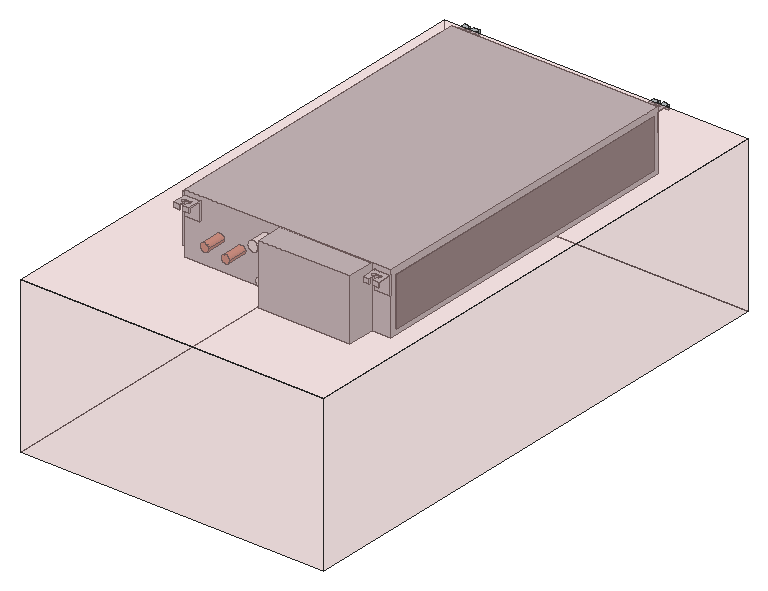
Revit family "PEFY-WP50VMS1-E_Service_Area1", category Mechanical Equipment, host Ceiling, Revit 2012
Parameters (values of type "PEFY-WP50VMS1-E_240V_60Hz")
  Description = "Ceiling concealed"
  Manufacturer = "Mitsubishi Electric Corporation"
  Model = "PEFY-WP50VMS1-E"
  Width = 1190 mm
  Water Pipe_radius (To HBC Unit) = 13.2 mm
  Water Pipe_radius (From HBC Unit) = 13.2 mm
  WarrantyStart = ""
  Voltage = 240 V
  Unit Weight (kg) = 27
  URL = "http://www.mitsubishielectric.com/"
  TagNumber = 0
  Subcategory = "HVAC"
  Space View = yes
  Sound Pressure Level_Mid (dB(A)) = 33
  Sound Pressure Level_Low (dB(A)) = 30
  Sound Pressure Level_High (dB(A)) = 36
  SerialNumber = 0
  ReplacementYear = ""
  Protection Device = "Fuse"
  Phase = 1
  Maximum Circuit Ampacity (A) = 1.07
  InstallationDate = ""
  Hertz = 60 Hz
  Height = 200 mm
  Heating Power Input (kW) = 0.07
  Heating Current (A) = 0.66
  Heating Capacity (kW) = 6.3
  Fan_Type = "Sirocco fan"
  Fan_Quantity = 4
  Fan Motor Output (kW) = 0.096
  External_static_pressure (Pa) = "5-15-35-50"
  External Finish = "Galvanized steel plate"
  Equip_description = ""
  Equip_No. = 0
  Equip_ID = ""
  Drain pipe2_radius = 16 mm
  Drain pipe1_radius = 16 mm
  Description = ""
  Depth = 700 mm
  CreatedOn = ""
  CreatedBy = ""
  Cooling Power Input (kW) = 0.09
  Cooling Current (A) = 0.77
  Cooling Capacity (kW) = 5.6
  Category = ""
  Barcode = ""
  AssetIdentifier = ""
  Airflow Rate_Mid (m3/min) = 14
  Airflow Rate_Mid (m3/h) = 840
  Airflow Rate_Low (m3/min) = 12
  Airflow Rate_Low (m3/h) = 720
  Airflow Rate_High (m3/min) = 16.5
  Airflow Rate_High (m3/h) = 990
Types (6, lengths in mm): name | Voltage | Maximum Circuit Ampacity (A) | Hertz
  PEFY-WP50VMS1-E_220V_50Hz | 220 V | 1.08 | 50 Hz
  PEFY-WP50VMS1-E_220V_60Hz | 220 V | 1.07 | 60 Hz
  PEFY-WP50VMS1-E_230V_50Hz | 230 V | 1.08 | 50 Hz
  PEFY-WP50VMS1-E_230V_60Hz | 230 V | 1.07 | 60 Hz
  PEFY-WP50VMS1-E_240V_50Hz | 240 V | 1.08 | 50 Hz
  PEFY-WP50VMS1-E_240V_60Hz | 240 V | 1.07 | 60 Hz
Reference planes
  plane 1 "Center (Front/Back)": y = 0
  plane 2: z = 0
  plane 3 "Center (Left/Right)": x = 0
  plane 4 "Ceiling": z = 3750
  plane 5: z = 4050
  plane 6: z = 4250
  plane 7: y = -550
  plane 8: y = 350
  plane 9: y = 550
  plane 10: z = 4235
  plane 11: x = 325
  plane 12: x = 350
  plane 13: x = -300
  plane 14: x = -350
  plane 15: z = 4230
  plane 16: x = -57
  plane 17: z = 4202
  plane 18: z = 4080
  plane 19: x = -211
  plane 20: x = -141
  plane 21: z = 4148
  plane 22: z = 4138
  plane 23: y = 70
  plane 24: y = -1200
  plane 25: y = -640
  plane 26: x = 350
Forms (mm)
  Extrusion 1, solid, material "Plated steel"
    sketch origin (88.259, -137.375, 3750) x (1, 0, 0) y (0, 1, 0)
      loop
        line (-415.259, 687.375) -> (-415.259, -412.625) -> (261.741, -412.625) -> (261.741, 687.375) -> (-415.259, 687.375)
    from 300 to 500
  Extrusion 2, solid, material "Service space", visible <- "Space View"
    sketch origin (-2000, 6200, 4050) x (0, 1, 0) y (1, 0, 0)
      loop
        line (-7400, 1650) -> (-5650, 1650) -> (-5650, 2650) -> (-7400, 2650) -> (-7400, 1650)
    from 300 to -210
  Extrusion 3, solid
    sketch origin (0, 200, 0) x (0, 1, 0) y (0, 0, 1)
      loop
        line (-730, 4230) -> (-730, 4071) -> (330, 4071) -> (330, 4230) -> (-730, 4230)
    from 350 to 355
  Extrusion 4, solid
    sketch origin (-350, 200, 4250) x (0, 0, 1) y (0, -1, 0)
      loop
        line (-20, 730) -> (-179, 730) -> (-179, -330) -> (-20, -330) -> (-20, 730)
    from 0 to 23
  Extrusion 5, solid
    sketch origin (794.259, -550, 3750) x (-1, 0, 0) y (0, 0, -1)
      loop
        circle (851.259, -452) r 16
    from 0 to 57
  Extrusion 6, solid
    sketch origin (794.259, -550, 3750) x (-1, 0, 0) y (0, 0, -1)
      loop
        circle (851.259, -330) r 16
    from 0 to 25
  Extrusion 7, solid
    sketch origin (794.259, -550, 3750) x (-1, 0, 0) y (0, 0, -1)
      loop
        line (505.751, -500) -> (805.751, -500) -> (805.751, -300) -> (505.751, -300) -> (505.751, -500)
    from 0 to 90
  Extrusion 8, solid
    sketch origin (794.259, -550, 3750) x (-1, 0, 0) y (0, 0, -1)
      loop
        circle (1005.259, -398) r 13.2
      loop
        circle (935.259, -388) r 13.2
    from 0 to 64
Lines and regions (mm)
  model lines
    curve 1: line (-300, 300, 3750) -> (150, 300, 3750)
    curve 2: line (-300, -150, 3750) -> (-300, 300, 3750)
    curve 3: line (150, -150, 3750) -> (-300, -150, 3750)
    curve 4: line (150, 300, 3750) -> (150, -150, 3750)
    curve 5: line (125, -750, 3750) -> (575, -750, 3750)
    curve 6: line (125, -1200, 3750) -> (125, -750, 3750)
    curve 7: line (575, -1200, 3750) -> (125, -1200, 3750)
    curve 8: line (575, -750, 3750) -> (575, -1200, 3750)
Dimensions and locks
  equal spacing: host sketch curve, plane 3 "Center (Left/Right)", host sketch curve
  equal spacing: host sketch curve, plane 1 "Center (Front/Back)", host sketch curve
  host sketch curve to host sketch curve = 4000 mm  (x2)
  locked: plane 4 "Ceiling" to host ceiling at 0
  Extrusion 1 to Extrusion 1 = 1100 mm
  Extrusion 1 to plane 1 "Center (Front/Back)" = 550 mm
  plane 5 to Extrusion 1 = 200 mm
  plane 6 to plane 5 = 200 mm
  plane 4 "Ceiling" to plane 5 = 300 mm
  Extrusion 1 to Extrusion 1 = 677 mm
  plane 7 to plane 9 = 1100 mm
  locked: plane 10 to plane 6 at 15
  locked: plane 15 to plane 6 at 20
  locked: Extrusion 3 to plane 15 at 159
  locked: Extrusion 4 to plane 15 at 159
  plane 6 to plane 17 to plane 18 = 48 mm locked, 122 mm locked
  locked: Extrusion 7 to Extrusion 7 at 200
  plane 6 to plane 21 to plane 22 = 102 mm locked, 10 mm locked
  aligned and locked: plane 5 to Extrusion 1
  aligned and locked: Extrusion 1 to plane 6
  aligned and locked: plane 7 to Extrusion 1
  aligned and locked: plane 9 to Extrusion 1
  aligned and locked: nested 1 to Extrusion 1
  aligned and locked: nested 1 to plane 13
  aligned and locked: nested 1 to plane 10
  aligned and locked: nested 2 to plane 10
  aligned and locked: plane 10 to nested 4
  aligned and locked: plane 10 to nested 3
  aligned and locked: nested 4 to plane 9
  aligned and locked: nested 3 to plane 9
  aligned and locked: Extrusion 3 to plane 15
  aligned and locked: Extrusion 4 to plane 15
  aligned and locked: plane 7 to nested 2
  aligned and locked: plane 17 to Extrusion 5
  aligned and locked: plane 18 to Extrusion 6
  aligned and locked: Extrusion 7 to plane 6
  aligned and locked: plane 21 to Extrusion 8
  aligned and locked: plane 22 to Extrusion 8
Nested families
  nested 1: "LEG" at (-300, -576, 4235), type "LEG_28"
  nested 2: "LEG" at (325, -576, 4235), type "LEG_28"
  nested 3: "LEG" at (-300, 576, 4235), type "LEG_28"
  nested 4: "LEG" at (325, 576, 4235), type "LEG_28"
Connectors
  piping at (-57, -607, 4202), driven by "Drain pipe1_radius"
    settings: on Extrusion 5, index 1, connector radius 16 mm, flow factor 0, pipe flow 0.0 L/s, pressure drop 0.0 Pa, fitting loss kfactor 0, connector angle 0.00°, fixture units 0, engagement length 0 mm, flow configuration 0, flow direction 2, fitting loss method 0, system type 22, joint type 0, gender type 0, connector reference index -1, connector utility 0, adjustable connector no, is connector primary yes, fitting loss table "", connector description "Drain pipe"
  piping at (-57, -575, 4080), driven by "Drain pipe2_radius"
    settings: on Extrusion 6, index 2, connector radius 16 mm, flow factor 0, pipe flow 0.0 L/s, pressure drop 0.0 Pa, fitting loss kfactor 0, connector angle 0.00°, fixture units 0, engagement length 0 mm, flow configuration 0, flow direction 2, fitting loss method 0, system type 22, joint type 0, gender type 0, connector reference index -1, connector utility 0, adjustable connector no, is connector primary no, fitting loss table "", connector description "Drain pipe"
  piping at (-141, -614, 4138)
    settings: on Extrusion 8, index 3, connector radius 13.2 mm, flow factor 0, pipe flow 0.0 L/s, pressure drop 0.0 Pa, fitting loss kfactor 0, connector angle 0.00°, fixture units 0, engagement length 0 mm, flow configuration 0, flow direction 1, fitting loss method 0, system type 22, joint type 0, gender type 0, connector reference index -1, connector utility 0, adjustable connector no, is connector primary no, fitting loss table "", connector description "Water pipe(From HBC unit)"
  piping at (-211, -614, 4148)
    settings: on Extrusion 8, index 4, connector radius 13.2 mm, flow factor 0, pipe flow 0.0 L/s, pressure drop 0.0 Pa, fitting loss kfactor 0, connector angle 0.00°, fixture units 0, engagement length 0 mm, flow configuration 0, flow direction 2, fitting loss method 0, system type 22, joint type 0, gender type 0, connector reference index -1, connector utility 0, adjustable connector no, is connector primary no, fitting loss table "", connector description "Water pipe(To HBC unit)"
  hvac at (355, 0, 4150.5)
    settings: on Extrusion 3, index 5, duct flow 0.0 L/s, flow factor 0, pres drop 0.0 Pa, loss coef 0, conn angle 0.00°, conn width 1060 mm, conn height 160 mm, conn radius 304.8 mm, duct sys type 1, conn prof type 1, flow config 0, flow direction 1, loss method 0, conn ref index -1, conn util no, is conn primary yes, conn desc "Air inlet"
  hvac at (-350, 0, 4150.5)
    settings: on Extrusion 4, index 6, duct flow 0.0 L/s, flow factor 0, pres drop 0.0 Pa, loss coef 0, conn angle 0.00°, conn width 1060 mm, conn height 150 mm, conn radius 304.8 mm, duct sys type 3, conn prof type 1, flow config 0, flow direction 2, loss method 0, conn ref index -1, conn util no, is conn primary no, conn desc "Air outlet"
  electrical at (288.508, -595, 4150), driven by "Phase", driven by "Voltage"
    settings: on Extrusion 7, index 7, voltage 240 V, apparent load 0 VA, apparent load phase1 0 VA, apparent load phase2 0 VA, apparent load phase3 0 VA, power factor 1, load classification "Other", number of poles 1, system type 30, power factor state 1, is connector primary yes, connector utility no, sub classification motor no, connector description ""
Definition of nested family "LEG"
  Parameters (values of type "LEG_28")
    product distance = 28 mm
  Reference planes
    plane 1 "中心(正面/背面)": y = 0
    plane 2: z = 0
    plane 3 "中心(左/右)": x = 0
    plane 4: x = -25
    plane 5: x = 25
    plane 6: y = -23
    plane 7: y = 28
    plane 8: x = -8
    plane 9: x = 8
    plane 10: x = -6
    plane 11: x = 6
  Forms (mm)
    Extrusion 1, solid, material "Plated steel"
      sketch origin (0, 0, 0) x (1, 0, 0) y (0, 1, 0)
        loop
          line (-25, 26) -> (-25, -23) -> (25, -23) -> (25, 26) -> (-25, 26)
      from 0 to -60
    Extrusion 2, void
      sketch origin (0, 0, 0) x (0, 1, 0) y (0, 0, 1)
        loop
          line (-20.7, -2.3) -> (-20.7, -15) -> (-23, -15) -> (-23, -60) -> (24, -60) -> (24, -2.3) -> (-20.7, -2.3)
      from -25 to 25
    Extrusion 3, void
      sketch origin (0, 0, 0) x (1, 0, 0) y (0, 1, 0)
        loop
          arc (-8, 7) -> (-15, 0) -> (-8, -7) r 7
          line (-8, -7) -> (-6, -7) -> (-6, -23) -> (6, -23) -> (6, -7) -> (8, -7)
          arc (8, -7) -> (15, 0) -> (8, 7) r 7
          line (8, 7) -> (-8, 7)
      from 0 to -60
  Cuts and joins
    Extrusion 2, Extrusion 3 cuts Extrusion 1
  Dimensions and locks
    locked: Extrusion 1 sketch curve to Extrusion 1 sketch curve at 50
    equal spacing: Extrusion 1 sketch curve, plane 3 "中心(左/右)", Extrusion 1 sketch curve
    locked: plane 6 to plane 1 "中心(正面/背面)" at 23
    "product distance": plane 1 "中心(正面/背面)" to plane 7
    plane 7 to Extrusion 2 sketch curve = 4 mm
    locked: cut or joined group of Extrusion 1, Extrusion 2, Extrusion 3 to cut or joined group of Extrusion 1, Extrusion 2, Extrusion 3 at 2.3  (x2)
    aligned and locked: level to plane 2
    aligned and locked: Extrusion 2 to Extrusion 1
    aligned and locked: Extrusion 1 to Extrusion 2
    aligned and locked: Extrusion 2 sketch curve to cut or joined group of Extrusion 1, Extrusion 2, Extrusion 3  (x2)
    aligned and locked: cut or joined group of Extrusion 1, Extrusion 2, Extrusion 3 to Extrusion 3 sketch curve
    aligned and locked: plane 6 to Extrusion 1 sketch curve
  Automatic sketch dimensions
    Extrusion 2 sketch curve to plane 6 = 2.3 mm
    Extrusion 2 sketch curve to level = 15 mm
    Extrusion 2 sketch curve to level = 2.3 mm
    plane 1 "中心(正面/背面)" to Extrusion 3 sketch curve = 0 mm  (x2)
    Extrusion 3 sketch curve to plane 8 = 0 mm
    Extrusion 3 sketch curve to plane 10 = 0 mm
    Extrusion 3 sketch curve to plane 11 = 0 mm
    Extrusion 3 sketch curve to plane 9 = 0 mm  (x2)
    plane 1 "中心(正面/背面)" to Extrusion 3 sketch curve = 7 mm
    plane 7 to Extrusion 1 sketch curve = 2 mm
